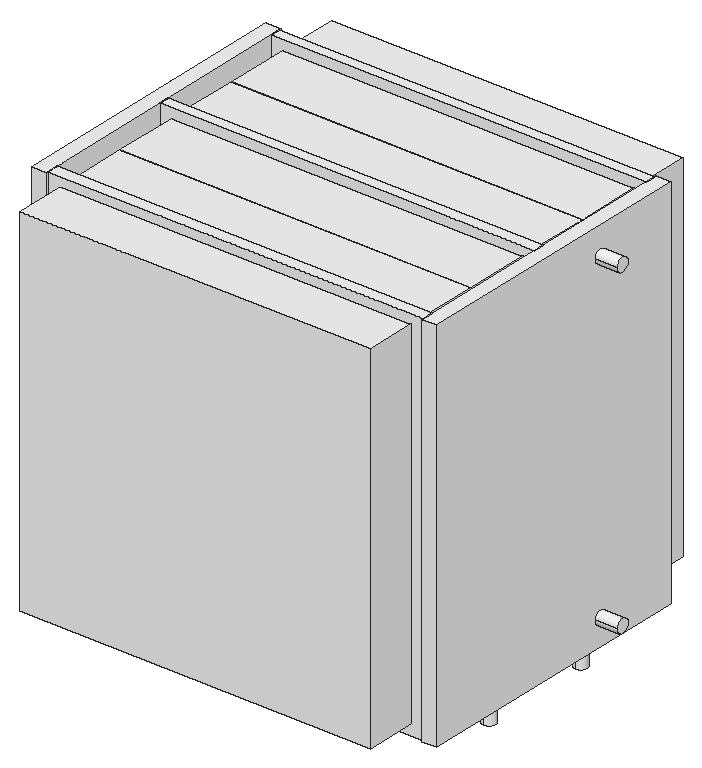
Revit family
Parameters (values of type "CL 2832")
  URL = "http://viewer.zmags.com/publication/f43ba979"
  Tapping Offset from Edge = if(Depth > 83 mm, 14 mm, 20 mm)  # 14 mm
  Tapping Bottom Width = if(Depth > 168 mm, 85 mm, 50 mm)  # 85 mm
  Tapping Radius = 4.8 mm
  Model = "CL 2832"
  Manufacturer = "Meinertz"  # constant formula
  Keynote = "CL 2832"
  Input Depth = if(Depth < 12 mm, 47 mm, Depth)  # 253 mm
  Tapping 6 = Depth > 83 mm  # yes
  Tapping Offset from Centre = if(and(Depth = 96 mm, Height = 70 mm), ((Depth / 2) - 26.7 mm), if(and(Depth = 132 mm, Height = 70 mm), ((Depth / 2) - 44.7 mm), if(and(Depth = 168 mm, Height = 70 mm), ((Depth / 2) - 62.8 mm), if(Depth = 181 mm, ((Depth / 2) - 48 mm), if(Depth = 217 mm, ((Depth / 2) - 66 mm), if(Depth = 253 mm, ((Depth / 2) - 84 mm), 0 mm))))))  # 42.5 mm
  Tapping Height = Height - 40 mm  # 240 mm
  Tapping Dim = 15 mm
  Tapping Depth = 17 mm
  Offset from Wall = if(Input Depth = 11 mm, 50 mm, if(Input Depth = 47 mm, 76 mm, if(Input Depth = 83 mm, 103 mm, if(Input Depth = 96 mm, 116 mm, if(Input Depth = 132 mm, 150 mm, if(Input Depth = 168 mm, 186 mm, if(Input Depth = 181 mm, 197 mm, if(Input Depth = 217 mm, 233 mm, 269 mm))))))))  # 269 mm
  Offset Body Front = if(or(Depth < 168 mm, or(Depth > 168 mm, or(Depth < 253 mm))), 1.5 mm, 37.5 mm)  # 1.5 mm
  Offset Body Back = if(or(Depth < 132 mm, or(Depth = 181 mm)), 1.5 mm, 37.5 mm)  # 37.5 mm
  Mid Body = or(Depth = 83 mm, or(Depth > 168 mm))  # yes
  Depth = 253 mm
  Horizontal Line = Height > 70 mm  # yes
  Horizontal Line 2 = Height > 140 mm  # yes
  Height Offset from Floor = 100 mm
  Width = 300 mm
  Height = 280 mm
  Heater = RAL 9016
  GoGetNo = 6985  # constant formula
  Fins Mid = and(Tapping 4, Add Fins)  # no
  Fins Front 2 = and(Depth = 47 mm, Add Fins)  # no
  Fins Front = and(or(Depth = 168 mm, or(Depth = 253 mm)), Add Fins)  # yes
  Fins Back = and(or(Depth = 132 mm, or(Depth = 168 mm, or(Depth = 217 mm, or(Depth = 253 mm)))), Add Fins)  # yes
  Fins 2 = and(not(or(Tapping 1, Tapping 4, Fins 1)), Add Fins)  # yes
  Fins 1 = and(Depth > 83 mm, Depth < 181 mm, Add Fins)  # no
  Fins = Fins
  Tapping 4 = Depth = 83 mm  # no
  Tapping 1 = Depth < 83 mm  # no
  Edge = not(or(Tapping 1, (Tapping 4)))  # yes
  Tapping 3 = and(Height = 70 mm, Depth > 83 mm)  # no
  Tapping 5 = or(Input Depth = 83 mm, or(and(Depth > 83 mm, Height > 70 mm)))  # yes
  Tapping 2 = Depth > 83 mm  # yes
  Bottom Body = not(or(Depth = 11 mm, or(Depth = 47 mm, or(Depth = 83 mm))))  # yes
  Assembly Code = ""
  Add Fins = yes
Types (36, lengths in mm): name | Tapping Offset from Edge | Tapping Bottom Width | Tapping Radius | Model | Keynote | Input Depth | Tapping 6 | Tapping Offset from Centre | Tapping Height | Offset from Wall | Offset Body Back | Mid Body | Depth | Horizontal Line | Horizontal Line 2 | Height | Fins Mid | Fins Front 2 | Fins Front | Fins Back | Fins 2 | Fins 1 | Tapping 4 | Tapping 1 | Edge | Tapping 3 | Tapping 5 | Tapping 2 | Bottom Body
  CL 0720 | 14 | 50 | 300 | "CL 0720" | "CL 0720" | 96 | yes | 21.3 | 30 | 116 | 1.5 | no | 96 | no | no | 70 | no | no | no | no | no | yes | no | no | yes | yes | no | yes | yes
  CL 1420 | 14 | 50 | 300 | "CL 1420" | "CL 1420" | 96 | yes | 0 | 100 | 116 | 1.5 | no | 96 | yes | no | 140 | no | no | no | no | no | yes | no | no | yes | no | yes | yes | yes
  CL 2120 | 14 | 50 | 300 | "CL 2120" | "CL 2120" | 96 | yes | 0 | 170 | 116 | 1.5 | no | 96 | yes | yes | 210 | no | no | no | no | no | yes | no | no | yes | no | yes | yes | yes
  CL 2820 | 14 | 50 | 300 | "CL 2820" | "CL 2820" | 96 | yes | 0 | 240 | 116 | 1.5 | no | 96 | yes | yes | 280 | no | no | no | no | no | yes | no | no | yes | no | yes | yes | yes
  CL 0730 | 14 | 85 | 300 | "CL 0730" | "CL 0730" | 181 | yes | 42.5 | 30 | 197 | 1.5 | yes | 181 | no | no | 70 | no | no | no | no | yes | no | no | no | yes | yes | no | yes | yes
  CL 1430 | 14 | 85 | 300 | "CL 1430" | "CL 1430" | 181 | yes | 42.5 | 100 | 197 | 1.5 | yes | 181 | yes | no | 140 | no | no | no | no | yes | no | no | no | yes | no | yes | yes | yes
  CL 2130 | 14 | 85 | 300 | "CL 2130" | "CL 2130" | 181 | yes | 42.5 | 170 | 197 | 1.5 | yes | 181 | yes | yes | 210 | no | no | no | no | yes | no | no | no | yes | no | yes | yes | yes
  CL 2830 | 14 | 85 | 300 | "CL 2830" | "CL 2830" | 181 | yes | 42.5 | 240 | 197 | 1.5 | yes | 181 | yes | yes | 280 | no | no | no | no | yes | no | no | no | yes | no | yes | yes | yes
  CL 0710 | 20 | 50 | 300 | "CL 0710" | "CL 0710" | 47 | no | 0 | 30 | 76 | 1.5 | no | 11 | no | no | 70 | no | no | no | no | no | no | no | yes | no | no | no | no | no
  CL 1410 | 20 | 50 | 300 | "CL 1410" | "CL 1410" | 47 | no | 0 | 100 | 76 | 1.5 | no | 11 | yes | no | 140 | no | no | no | no | no | no | no | yes | no | no | no | no | no
  CL 2110 | 20 | 50 | 300 | "CL 2110" | "CL 2110" | 47 | no | 0 | 170 | 76 | 1.5 | no | 11 | yes | yes | 210 | no | no | no | no | no | no | no | yes | no | no | no | no | no
  CL 2810 | 20 | 50 | 300 | "CL 2810" | "CL 2810" | 47 | no | 0 | 170 | 76 | 1.5 | no | 11 | yes | yes | 210 | no | no | no | no | no | no | no | yes | no | no | no | no | no
  CL 0711 | 20 | 50 | 300 | "CL 0711" | "CL 0711" | 47 | no | 0 | 30 | 76 | 1.5 | no | 47 | no | no | 70 | no | yes | no | no | no | no | no | yes | no | no | no | no | no
  CL 1411 | 20 | 50 | 300 | "CL 1411" | "CL 1411" | 47 | no | 0 | 100 | 76 | 1.5 | no | 47 | yes | no | 140 | no | yes | no | no | no | no | no | yes | no | no | no | no | no
  CL 2111 | 20 | 50 | 300 | "CL 2111" | "CL 2111" | 47 | no | 0 | 170 | 76 | 1.5 | no | 47 | yes | yes | 210 | no | yes | no | no | no | no | no | yes | no | no | no | no | no
  CL 2811 | 20 | 50 | 300 | "CL 2811" | "CL 2811" | 47 | no | 0 | 240 | 76 | 1.5 | no | 47 | yes | yes | 280 | no | yes | no | no | no | no | no | yes | no | no | no | no | no
  CL 0712 | 20 | 50 | 300 | "CL 0712" | "CL 0712" | 83 | no | 0 | 30 | 103 | 1.5 | yes | 83 | no | no | 70 | yes | no | no | no | no | no | yes | no | no | no | yes | no | no
  CL 1412 | 20 | 50 | 300 | "CL 1412" | "CL 1412" | 83 | no | 0 | 100 | 103 | 1.5 | yes | 83 | yes | no | 140 | yes | no | no | no | no | no | yes | no | no | no | yes | no | no
  CL 2112 | 20 | 50 | 300 | "CL 2112" | "CL 2112" | 83 | no | 0 | 170 | 103 | 1.5 | yes | 83 | yes | yes | 210 | yes | no | no | no | no | no | yes | no | no | no | yes | no | no
  CL 2812 | 20 | 50 | 300 | "CL 2812" | "CL 2812" | 83 | no | 0 | 240 | 103 | 1.5 | yes | 83 | yes | yes | 280 | yes | no | no | no | no | no | yes | no | no | no | yes | no | no
  CL 0721 | 14 | 50 | 300 | "CL 0721" | "CL 0721" | 132 | yes | 21.3 | 30 | 150 | 37.5 | no | 132 | no | no | 70 | no | no | no | yes | no | yes | no | no | yes | yes | no | yes | yes
  CL 1421 | 14 | 50 | 300 | "CL 1421" | "CL 1421" | 132 | yes | 0 | 100 | 150 | 37.5 | no | 132 | yes | no | 140 | no | no | no | yes | no | yes | no | no | yes | no | yes | yes | yes
  CL 2121 | 14 | 50 | 300 | "CL 2121" | "CL 2121" | 132 | yes | 0 | 170 | 150 | 37.5 | no | 132 | yes | yes | 210 | no | no | no | yes | no | yes | no | no | yes | no | yes | yes | yes
  CL 2821 | 14 | 50 | 300 | "CL 2821" | "CL 2821" | 132 | yes | 0 | 240 | 150 | 37.5 | no | 132 | yes | yes | 280 | no | no | no | yes | no | yes | no | no | yes | no | yes | yes | yes
  CL 0722 | 14 | 50 | 300 | "CL 0722" | "CL 0722" | 168 | yes | 21.2 | 30 | 186 | 37.5 | no | 168 | no | no | 70 | no | no | yes | yes | no | yes | no | no | yes | yes | no | yes | yes
  CL 1422 | 14 | 50 | 300 | "CL 1422" | "CL 1422" | 168 | yes | 0 | 100 | 186 | 37.5 | no | 168 | yes | no | 140 | no | no | yes | yes | no | yes | no | no | yes | no | yes | yes | yes
  CL 2122 | 14 | 50 | 300 | "CL 2122" | "CL 2122" | 168 | yes | 0 | 170 | 186 | 37.5 | no | 168 | yes | yes | 210 | no | no | yes | yes | no | yes | no | no | yes | no | yes | yes | yes
  CL 2822 | 14 | 50 | 300 | "CL 2822" | "CL 2822" | 168 | yes | 0 | 240 | 186 | 37.5 | no | 168 | yes | yes | 280 | no | no | yes | yes | no | yes | no | no | yes | no | yes | yes | yes
  CL 0731 | 14 | 85 | 300 | "CL 0731" | "CL 0731" | 217 | yes | 42.5 | 30 | 233 | 37.5 | yes | 217 | no | no | 70 | no | no | no | yes | yes | no | no | no | yes | yes | no | yes | yes
  CL 1431 | 14 | 85 | 300 | "CL 1431" | "CL 1431" | 217 | yes | 42.5 | 100 | 233 | 37.5 | yes | 217 | yes | no | 140 | no | no | no | yes | yes | no | no | no | yes | no | yes | yes | yes
  CL 2131 | 14 | 85 | 300 | "CL 2131" | "CL 2131" | 217 | yes | 42.5 | 170 | 233 | 37.5 | yes | 217 | yes | yes | 210 | no | no | no | yes | yes | no | no | no | yes | no | yes | yes | yes
  CL 2831 | 14 | 85 | 300 | "CL 2831" | "CL 2831" | 217 | yes | 42.5 | 240 | 233 | 37.5 | yes | 217 | yes | yes | 280 | no | no | no | yes | yes | no | no | no | yes | no | yes | yes | yes
  CL 0732 | 14 | 85 | 300 | "CL 0732" | "CL 0732" | 253 | yes | 42.5 | 30 | 269 | 37.5 | yes | 253 | no | no | 70 | no | no | yes | yes | yes | no | no | no | yes | yes | no | yes | yes
  CL 1432 | 14 | 85 | 300 | "CL 1432" | "CL 1432" | 253 | yes | 42.5 | 100 | 269 | 37.5 | yes | 253 | yes | no | 140 | no | no | yes | yes | yes | no | no | no | yes | no | yes | yes | yes
  CL 2132 | 14 | 85 | 300 | "CL 2132" | "CL 2132" | 253 | yes | 42.5 | 170 | 269 | 37.5 | yes | 253 | yes | yes | 210 | no | no | yes | yes | yes | no | no | no | yes | no | yes | yes | yes
  CL 2832 | 14 | 85 | 4.8 | "CL 2832" | "CL 2832" | 253 | yes | 42.5 | 240 | 269 | 37.5 | yes | 253 | yes | yes | 280 | no | no | yes | yes | yes | no | no | no | yes | no | yes | yes | yes
Reference planes
  plane 1 "Center (Front/Back)": y = 0
  plane 2: z = 0
  plane 3 "Center (Left/Right)": x = 0
  plane 4 "bottom": z = 100
  plane 5: y = 126.5
  plane 6: y = -126.5
  plane 7: x = -150
  plane 8: x = 150
  plane 9: y = 81
  plane 10: y = -117
  plane 11: x = -139
  plane 12: x = 139
  plane 13: z = 380
  plane 14: z = 373
  plane 15: z = 240
  plane 16: z = 120
  plane 17: y = -125
  plane 18: y = 89
  plane 19: y = -69.5
  plane 20: y = -14
  plane 21: y = -22
  plane 22: y = 33.5
  plane 23: z = 360
  plane 24 "52": y = 24.5
  plane 25 "32": y = -60.5
  plane 26 "Wall": y = 142.5
  plane 27 "4": y = -18
  plane 28: x = -136
  plane 29: x = 136
  plane 30 "31": y = -60.5
  plane 31 "Tap 2": y = 24.5
  plane 32: y = -121
Forms (mm)
  Extrusion 1, solid, material "RAL 9016" <- "Heater", visible <- "Edge"
    sketch origin (0, 0, 100) x (-1, 0, 0) y (0, -1, 0)
      loop
        line (139, -89) -> (139, -81) -> (-139, -81) -> (-139, -89) -> (139, -89)
      loop
        line (-139, 125) -> (-139, 117) -> (139, 117) -> (139, 125) -> (-139, 125)
    from 0 to 280
  Extrusion 2, solid, material "RAL 9016" <- "Heater", visible <- "Edge"
    sketch origin (0, 0, 100) x (-1, 0, 0) y (0, -1, 0)
      loop
        line (150, -90.5) -> (150, 126.5) -> (139, 126.5) -> (139, -90.5) -> (150, -90.5)
      loop
        line (-150, -90.5) -> (-139, -90.5) -> (-139, 126.5) -> (-150, 126.5) -> (-150, -90.5)
    from 0 to 280
  Extrusion 3, solid, material "RAL 9016" <- "Heater", visible <- "Mid Body"
    sketch origin (0, 0, 100) x (-1, 0, 0) y (0, -1, 0)
      loop
        line (139, 14) -> (139, 22) -> (-139, 22) -> (-139, 14) -> (139, 14)
    from 0 to 280
  Extrusion 4, solid, material "RAL 9016" <- "Heater", visible <- "Tapping 1"
    sketch origin (0, 0, 100) x (-1, 0, 0) y (0, -1, 0)
      loop
        line (150, 126.5) -> (139, 126.5) -> (139, 125) -> (-139, 125) -> (-139, 126.5) -> (-150, 126.5) -> (-150, 115.5) -> (-139, 115.5) -> (-139, 117) -> (139, 117) -> (139, 115.5) -> (150, 115.5) -> (150, 126.5)
    from 0 to 280
  Extrusion 5, solid, material "RAL 9016" <- "Heater", visible <- "Tapping 4"
    sketch origin (0, 85, 100) x (-1, 0, 0) y (0, -1, 0)
      loop
        line (150, 108.5) -> (139, 108.5) -> (139, 97.5) -> (150, 97.5) -> (150, 108.5)
      loop
        line (-139, 108.5) -> (-150, 108.5) -> (-150, 97.5) -> (-139, 97.5) -> (-139, 108.5)
    from 0 to 280
  Extrusion 6, solid, material "RAL 9016" <- "Heater", visible <- "Bottom Body"
    sketch origin (0, 0, 100) x (-1, 0, 0) y (0, -1, 0)
      loop
        line (139, -81) -> (139, 117) -> (-139, 117) -> (-139, -81) -> (139, -81)
    from 0 to 8
  Extrusion 7, solid, material "Fins" <- "Fins", visible <- "Fins 1", detail levels fine
    sketch origin (0, 0, 100) x (-1, 0, 0) y (0, -1, 0)
      loop
        line (130, 117) -> (-130, 117) -> (-130, -81) -> (130, -81) -> (130, 117)
    from 8 to 273
  Extrusion 8, solid, material "Fins" <- "Fins", visible <- "Fins 2", detail levels fine
    sketch origin (0, 0, 100) x (-1, 0, 0) y (0, -1, 0)
      loop
        line (130, 117) -> (-130, 117) -> (-130, 69.5) -> (130, 69.5) -> (130, 117)
      loop
        line (130, 14) -> (-130, 14) -> (-130, -33.5) -> (130, -33.5) -> (130, 14)
    from 8 to 273
  Extrusion 9, solid, material "Fins" <- "Fins", visible <- "Fins 2", detail levels fine
    sketch origin (0, 0, 100) x (-1, 0, 0) y (0, -1, 0)
      loop
        line (-130, 69.5) -> (-130, 22) -> (130, 22) -> (130, 69.5) -> (-130, 69.5)
      loop
        line (-130, -33.5) -> (-130, -81) -> (130, -81) -> (130, -33.5) -> (-130, -33.5)
    from 8 to 273
  Extrusion 10, solid, material "Fins" <- "Fins", visible <- "Fins Front", detail levels fine
    sketch origin (0, 0, 100) x (-1, 0, 0) y (0, -1, 0)
      loop
        line (130, 125) -> (130, 162.5) -> (-130, 162.5) -> (-130, 125) -> (130, 125)
    from 8 to 273
  Extrusion 11, solid, material "Fins" <- "Fins", visible <- "Fins Back", detail levels fine
    sketch origin (0, 0, 100) x (-1, 0, 0) y (0, -1, 0)
      loop
        line (130, -89) -> (-130, -89) -> (-130, -126.5) -> (130, -126.5) -> (130, -89)
    from 8 to 273
  Extrusion 12, solid, material "Fins" <- "Fins", visible <- "Fins Front 2", detail levels fine
    sketch origin (0, -85, 100) x (-1, 0, 0) y (0, -1, 0)
      loop
        line (130, 32) -> (-130, 32) -> (-130, -5.5) -> (130, -5.5) -> (130, 32)
    from 8 to 273
  Extrusion 13, solid, material "Fins" <- "Fins", visible <- "Fins Mid", detail levels fine
    sketch origin (0, -70, 100) x (-1, 0, 0) y (0, -1, 0)
      loop
        line (130, -10.5) -> (-130, -10.5) -> (-130, -48) -> (130, -48) -> (130, -10.5)
      loop
        line (130, -93.5) -> (130, -56) -> (-130, -56) -> (-130, -93.5) -> (130, -93.5)
    from 8 to 273
  Extrusion 14, solid, material "Tap", visible <- "Tapping 1"
    sketch origin (150, -126.5, 100) x (0, 1, 0) y (0, 0, 1)
      loop
        circle (5.5, 260) r 4.8
    from 0 to 17 <- "Tapping Depth"
  Extrusion 15, solid, material "Tap", visible <- "Tapping 1"
    sketch origin (150, -126.5, 100) x (0, 1, 0) y (0, 0, 1)
      loop
        circle (5.5, 20) r 4.8
    from 0 to 17 <- "Tapping Depth"
  Extrusion 16, solid, material "Tap", visible <- "Tapping 3"
    sketch origin (150, -126.5, 100) x (0, 1, 0) y (0, 0, 1)
      loop
        circle (66, 20) r 4.8
    from 0 to 17 <- "Tapping Depth"
  Extrusion 17, solid, material "Tap", visible <- "Tapping 5"
    sketch origin (150, -126.5, 100) x (0, 1, 0) y (0, 0, 1)
      loop
        circle (151, 20) r 4.8
    from 0 to 17 <- "Tapping Depth"
  Extrusion 18, solid, material "Tap", visible <- "Tapping 6"
    sketch origin (150, -126.5, 100) x (0, 1, 0) y (0, 0, 1)
      loop
        circle (151, 260) r 4.8
    from 0 to 17 <- "Tapping Depth"
  Extrusion 19, solid, material "Tap", visible <- "Tapping 6"
    sketch origin (-150, -126.5, 100) x (0, 1, 0) y (0, 0, -1)
      loop
        circle (151, -260) r 4.8
    from 0 to 17 <- "Tapping Depth"
  Extrusion 20, solid, material "Tap", visible <- "Tapping 1"
    sketch origin (-150, -126.5, 100) x (0, 1, 0) y (0, 0, -1)
      loop
        circle (5.5, -260) r 4.8
    from 0 to 17 <- "Tapping Depth"
  Extrusion 21, solid, material "Tap", visible <- "Tapping 5"
    sketch origin (-150, -126.5, 100) x (0, 1, 0) y (0, 0, -1)
      loop
        circle (151, -20) r 4.8
    from 0 to 17 <- "Tapping Depth"
  Extrusion 22, solid, material "Tap", visible <- "Tapping 3"
    sketch origin (-150, -126.5, 100) x (0, 1, 0) y (0, 0, -1)
      loop
        circle (66, -20) r 4.8
    from 0 to 17 <- "Tapping Depth"
  Extrusion 23, solid, material "Tap", visible <- "Tapping 1"
    sketch origin (-150, -126.5, 100) x (0, 1, 0) y (0, 0, -1)
      loop
        circle (5.5, -20) r 4.8
    from 0 to 17 <- "Tapping Depth"
  Extrusion 24, solid, material "Tap", visible <- "Tapping 4"
    sketch origin (0, 0, 100) x (0, -1, 0) y (-1, 0, 0)
      loop
        circle (18, 136) r 4.8
      loop
        circle (18, -136) r 4.8
    from 0 to 17 <- "Tapping Depth"
  Extrusion 25, solid, material "Tap", visible <- "Tapping 2"
    sketch origin (0, 0, 100) x (0, -1, 0) y (-1, 0, 0)
      loop
        circle (-24.5, 136) r 4.8
      loop
        circle (-24.5, -136) r 4.8
    from 0 to 17 <- "Tapping Depth"
  Extrusion 26, solid, material "Tap", visible <- "Tapping 1"
    sketch origin (0, 0, 100) x (0, -1, 0) y (-1, 0, 0)
      loop
        circle (121, 136) r 4.8
      loop
        circle (121, -136) r 4.8
    from 0 to 17 <- "Tapping Depth"
  Extrusion 27, solid, material "Tap", visible <- "Tapping 2"
    sketch origin (0, 0, 100) x (0, -1, 0) y (-1, 0, 0)
      loop
        circle (60.5, 136) r 4.8
      loop
        circle (60.5, -136) r 4.8
    from 0 to 17 <- "Tapping Depth"
Lines and regions (mm)
  symbolic lines
    curve 1: line (-150, 0, 170) -> (150, 0, 170)
  symbolic lines, visible <- "Horizontal Line"
    curve 2: line (-150, 0, 240) -> (150, 0, 240)
  symbolic lines, visible <- "Horizontal Line 2"
    curve 3: line (-150, 0, 310) -> (150, 0, 310)
Dimensions and locks
  locked: plane 7 to plane 11 at 11
  locked: plane 12 to plane 8 at 11
  equal spacing: plane 7, plane 3 "Center (Left/Right)", plane 8
  equal spacing: plane 6, plane 1 "Center (Front/Back)", plane 5
  "Width": plane 7 to plane 8
  "Input Depth": plane 5 to plane 6
  "Height": plane 13 to plane 4 "bottom"
  "Height Offset from Floor": plane 4 "bottom" to plane 2
  locked: plane 13 to plane 14 at 7
  equal spacing: plane 13, plane 15, plane 4 "bottom"
  group 1 to group 2 = 0 mm  (x2)
  group 1 to group 2 = 70 mm
  curve 3 to curve 2 to curve 1 to plane 4 "bottom" = 70 mm locked, 70 mm locked, 70 mm locked
  equal spacing: plane 21, plane 19, plane 10
  equal spacing: plane 9, plane 22, plane 20
  "Offset Body Front": plane 17 to plane 6
  "Offset Body Back": plane 18 to plane 5
  locked: plane 9 to plane 18 at 8
  locked: plane 10 to plane 17 at 8
  equal spacing: plane 23, plane 15, plane 16
  "Tapping Height": plane 23 to plane 16
  "Tapping Offset from Centre": plane 24 "52" to plane 27 "4"
  "Tapping Offset from Centre": plane 27 "4" to plane 25 "32"
  "Offset from Wall": plane 26 "Wall" to plane 6
  locked: plane 18 to Extrusion 2 sketch curve at 1.5
  locked: plane 17 to Extrusion 2 sketch curve at 1.5
  equal spacing: plane 17, plane 27 "4", plane 18
  Extrusion 5 sketch curve to plane 27 "4" to Extrusion 5 sketch curve = 5.5 mm locked, 5.5 mm locked
  plane 20 to plane 27 "4" to plane 21 = 4 mm locked, 4 mm locked
  locked: Extrusion 4 sketch curve to plane 10 at 1.5
  locked: plane 17 to Extrusion 4 sketch curve at 1.5
  "Tapping Offset from Edge": plane 28 to plane 7
  "Tapping Offset from Edge": plane 29 to plane 8
  equal spacing: plane 31 "Tap 2", plane 27 "4", plane 30 "31"
  "Tapping Bottom Width": plane 31 "Tap 2" to plane 30 "31"
  locked: plane 11 to Extrusion 7 sketch curve at 9
  locked: Extrusion 7 sketch curve to plane 12 at 9
  locked: plane 17 to Extrusion 10 sketch curve at 37.5
  locked: plane 18 to Extrusion 11 sketch curve at 37.5
  locked: Extrusion 12 sketch curve to plane 10 at 37.5
  locked: plane 21 to Extrusion 13 sketch curve at 37.5
  locked: plane 20 to Extrusion 13 sketch curve at 37.5
  locked: plane 10 to plane 32 at 4
  locked: plane 25 "32" to Extrusion 16 sketch curve
  locked: plane 24 "52" to Extrusion 17 sketch curve
  locked: plane 24 "52" to Extrusion 18 sketch curve
  locked: Extrusion 23 sketch curve to plane 32
  locked: Extrusion 20 sketch curve to plane 32
  locked: plane 25 "32" to Extrusion 22 sketch curve
  locked: plane 24 "52" to Extrusion 21 sketch curve
  locked: plane 24 "52" to Extrusion 19 sketch curve
  plane 25 "32" to Extrusion 26 sketch curve = 60.5 mm
  locked: Extrusion 26 sketch curve to plane 28
  locked: Extrusion 27 sketch curve to plane 28
  plane 29 to Extrusion 27 sketch curve = 0 mm
  locked: plane 29 to Extrusion 26 sketch curve
  locked: plane 29 to Extrusion 25 sketch curve
  locked: Extrusion 25 sketch curve to plane 28
  locked: Extrusion 24 sketch curve to plane 28
  locked: plane 29 to Extrusion 24 sketch curve
  Extrusion 27 sketch curve to plane 30 "31" = 0 mm  (x2)
  locked: plane 32 to Extrusion 26 sketch curve  (x2)
  locked: plane 31 "Tap 2" to Extrusion 25 sketch curve
  locked: plane 31 "Tap 2" to Extrusion 25 sketch curve at 0
  locked: plane 27 "4" to Extrusion 24 sketch curve at 0  (x2)
  aligned and locked: plane 9 to Extrusion 1 sketch curve
  aligned and locked: plane 10 to Extrusion 1 sketch curve
  aligned and locked: plane 13 to Extrusion 1
  aligned and locked: plane 7 to curve 1
  aligned and locked: plane 8 to curve 1
  aligned and locked: plane 17 to Extrusion 1 sketch curve
  aligned and locked: plane 18 to Extrusion 1 sketch curve
  aligned and locked: Extrusion 1 sketch curve to plane 11
  aligned and locked: plane 11 to Extrusion 1 sketch curve
  aligned and locked: Extrusion 1 sketch curve to plane 12
  aligned and locked: plane 12 to Extrusion 1 sketch curve
  aligned and locked: plane 7 to Extrusion 2 sketch curve
  aligned and locked: Extrusion 2 sketch curve to plane 11
  aligned and locked: plane 12 to Extrusion 2 sketch curve
  aligned and locked: Extrusion 2 sketch curve to plane 8
  aligned and locked: plane 13 to Extrusion 2
  aligned and locked: plane 11 to Extrusion 3 sketch curve
  aligned and locked: plane 12 to Extrusion 3 sketch curve
  aligned and locked: plane 13 to Extrusion 3
  aligned and locked: plane 7 to Extrusion 4 sketch curve
  aligned and locked: plane 11 to Extrusion 4 sketch curve  (x2)
  aligned and locked: plane 12 to Extrusion 4 sketch curve  (x3)
  aligned and locked: Extrusion 4 sketch curve to plane 8
  aligned and locked: Extrusion 4 sketch curve to Extrusion 4 sketch curve  (x2)
  aligned and locked: plane 13 to Extrusion 4
  aligned and locked: Extrusion 5 sketch curve to Extrusion 5 sketch curve  (x2)
  aligned and locked: Extrusion 5 sketch curve to plane 7
  aligned and locked: plane 11 to Extrusion 5 sketch curve
  aligned and locked: plane 12 to Extrusion 5 sketch curve
  aligned and locked: Extrusion 5 sketch curve to plane 8
  aligned and locked: plane 10 to Extrusion 4 sketch curve
  aligned and locked: plane 17 to Extrusion 4 sketch curve
  aligned and locked: Extrusion 2 sketch curve to Extrusion 2 sketch curve  (x2)
  aligned and locked: plane 20 to Extrusion 3 sketch curve
  aligned and locked: plane 21 to Extrusion 3 sketch curve
  aligned and locked: plane 13 to Extrusion 5
  aligned and locked: plane 11 to Extrusion 6 sketch curve
  aligned and locked: plane 12 to Extrusion 6 sketch curve
  aligned and locked: plane 10 to Extrusion 6 sketch curve
  aligned and locked: plane 9 to Extrusion 6 sketch curve
  aligned and locked: Extrusion 7 sketch curve to plane 10
  aligned and locked: plane 9 to Extrusion 7 sketch curve
  aligned and locked: plane 14 to Extrusion 7
  aligned and locked: Extrusion 8 sketch curve to plane 10
  aligned and locked: Extrusion 8 sketch curve to Extrusion 7
  aligned and locked: Extrusion 7 to Extrusion 8 sketch curve
  aligned and locked: plane 20 to Extrusion 8 sketch curve
  aligned and locked: Extrusion 8 sketch curve to Extrusion 8 sketch curve  (x2)
  aligned and locked: plane 19 to Extrusion 9 sketch curve
  aligned and locked: plane 21 to Extrusion 9 sketch curve
  aligned and locked: Extrusion 9 sketch curve to Extrusion 7  (x2)
  aligned and locked: Extrusion 9 sketch curve to plane 22
  aligned and locked: plane 9 to Extrusion 9 sketch curve
  aligned and locked: Extrusion 9 sketch curve to Extrusion 9 sketch curve  (x2)
  aligned and locked: Extrusion 8 sketch curve to Extrusion 9  (x2)
  aligned and locked: plane 14 to Extrusion 8
  aligned and locked: plane 14 to Extrusion 9
  aligned and locked: Extrusion 10 sketch curve to plane 17
  aligned and locked: Extrusion 10 sketch curve to Extrusion 7
  aligned and locked: Extrusion 7 to Extrusion 10 sketch curve
  aligned and locked: plane 14 to Extrusion 10
  aligned and locked: plane 18 to Extrusion 11 sketch curve
  aligned and locked: Extrusion 11 sketch curve to Extrusion 7
  aligned and locked: Extrusion 7 to Extrusion 11 sketch curve
  aligned and locked: plane 14 to Extrusion 11
  aligned and locked: Extrusion 7 to Extrusion 12 sketch curve
  aligned and locked: Extrusion 12 sketch curve to plane 10
  aligned and locked: Extrusion 12 sketch curve to Extrusion 7
  aligned and locked: plane 14 to Extrusion 12
  aligned and locked: plane 21 to Extrusion 13 sketch curve
  aligned and locked: Extrusion 7 to Extrusion 13 sketch curve  (x2)
  aligned and locked: Extrusion 13 sketch curve to plane 20
  aligned and locked: Extrusion 13 sketch curve to Extrusion 7  (x2)
  aligned and locked: plane 14 to Extrusion 13
Automatic sketch dimensions
  curve 3 to plane 7 = 0 mm
  curve 2 to plane 7 = 0 mm
  curve 2 to plane 8 = 0 mm
  curve 3 to plane 8 = 0 mm
  Extrusion 14 sketch curve to Extrusion 4 = 5.5 mm
  Extrusion 4 to Extrusion 14 sketch curve = 20 mm
  Extrusion 15 sketch curve to Extrusion 4 = 5.5 mm
  Extrusion 4 to Extrusion 15 sketch curve = 20 mm
  Extrusion 2 to Extrusion 16 sketch curve = 20 mm
  Extrusion 2 to Extrusion 17 sketch curve = 20 mm
  Extrusion 2 to Extrusion 18 sketch curve = 20 mm
  Extrusion 2 to Extrusion 19 sketch curve = 20 mm
  Extrusion 2 to Extrusion 20 sketch curve = 20 mm
  Extrusion 2 to Extrusion 21 sketch curve = 20 mm
  Extrusion 2 to Extrusion 22 sketch curve = 20 mm
  Extrusion 2 to Extrusion 23 sketch curve = 20 mm
  radius of Extrusion 14 sketch curve = 4.8 mm
  radius of Extrusion 15 sketch curve = 4.8 mm
  radius of Extrusion 16 sketch curve = 4.8 mm
  radius of Extrusion 17 sketch curve = 4.8 mm
  radius of Extrusion 18 sketch curve = 4.8 mm
  radius of Extrusion 19 sketch curve = 4.8 mm
  radius of Extrusion 20 sketch curve = 4.8 mm
  radius of Extrusion 21 sketch curve = 4.8 mm
  radius of Extrusion 22 sketch curve = 4.8 mm
  radius of Extrusion 23 sketch curve = 4.8 mm
  radius of Extrusion 24 sketch curve = 4.8 mm  (x2)
  radius of Extrusion 25 sketch curve = 4.8 mm  (x2)
  radius of Extrusion 26 sketch curve = 4.8 mm  (x2)
  radius of Extrusion 27 sketch curve = 4.8 mm  (x2)
Connectors
  piping at (167, -121, 360), driven by "Tapping Radius"
    settings: on Extrusion 14, index 1, connector radius 4.8 mm, flow factor 0, pipe flow 0.0 L/s, pressure drop 0.0 Pa, fitting loss kfactor 0, connector angle 0.00°, fixture units 0, flow configuration 1, flow direction 2, fitting loss method 0, system type 22, connector reference index -1, connector utility 0, adjustable connector no, is connector primary yes, fitting loss table "", connector description ""
  piping at (167, -121, 120), driven by "Tapping Radius"
    settings: on Extrusion 15, index 2, connector radius 4.8 mm, flow factor 0, pipe flow 0.0 L/s, pressure drop 0.0 Pa, fitting loss kfactor 0, connector angle 0.00°, fixture units 0, flow configuration 1, flow direction 2, fitting loss method 0, system type 22, connector reference index -1, connector utility 0, adjustable connector no, is connector primary no, fitting loss table "", connector description ""
  piping at (167, -60.5, 120), driven by "Tapping Radius"
    settings: on Extrusion 16, index 3, connector radius 4.8 mm, flow factor 0, pipe flow 0.0 L/s, pressure drop 0.0 Pa, fitting loss kfactor 0, connector angle 0.00°, fixture units 0, flow configuration 1, flow direction 2, fitting loss method 0, system type 22, connector reference index -1, connector utility 0, adjustable connector no, is connector primary no, fitting loss table "", connector description ""
  piping at (167, 24.5, 360), driven by "Tapping Radius"
    settings: on Extrusion 18, index 4, connector radius 4.8 mm, flow factor 0, pipe flow 0.0 L/s, pressure drop 0.0 Pa, fitting loss kfactor 0, connector angle 0.00°, fixture units 0, flow configuration 1, flow direction 2, fitting loss method 0, system type 22, connector reference index -1, connector utility 0, adjustable connector no, is connector primary no, fitting loss table "", connector description ""
  piping at (167, 24.5, 120), driven by "Tapping Radius"
    settings: on Extrusion 17, index 5, connector radius 4.8 mm, flow factor 0, pipe flow 0.0 L/s, pressure drop 0.0 Pa, fitting loss kfactor 0, connector angle 0.00°, fixture units 0, flow configuration 1, flow direction 2, fitting loss method 0, system type 22, connector reference index -1, connector utility 0, adjustable connector no, is connector primary no, fitting loss table "", connector description ""
  piping at (136, -121, 83), driven by "Tapping Radius"
    settings: on Extrusion 26, index 6, connector radius 4.8 mm, flow factor 0, pipe flow 0.0 L/s, pressure drop 0.0 Pa, fitting loss kfactor 0, connector angle 0.00°, fixture units 0, flow configuration 1, flow direction 2, fitting loss method 0, system type 22, connector reference index -1, connector utility 0, adjustable connector no, is connector primary no, fitting loss table "", connector description ""
  piping at (136, -60.5, 83), driven by "Tapping Radius"
    settings: on Extrusion 27, index 7, connector radius 4.8 mm, flow factor 0, pipe flow 0.0 L/s, pressure drop 0.0 Pa, fitting loss kfactor 0, connector angle 0.00°, fixture units 0, flow configuration 1, flow direction 2, fitting loss method 0, system type 22, connector reference index -1, connector utility 0, adjustable connector no, is connector primary no, fitting loss table "", connector description ""
  piping at (136, -18, 83), driven by "Tapping Radius"
    settings: on Extrusion 24, index 8, connector radius 4.8 mm, flow factor 0, pipe flow 0.0 L/s, pressure drop 0.0 Pa, fitting loss kfactor 0, connector angle 0.00°, fixture units 0, flow configuration 1, flow direction 2, fitting loss method 0, system type 22, connector reference index -1, connector utility 0, adjustable connector no, is connector primary no, fitting loss table "", connector description ""
  piping at (136, 24.5, 83), driven by "Tapping Radius"
    settings: on Extrusion 25, index 9, connector radius 4.8 mm, flow factor 0, pipe flow 0.0 L/s, pressure drop 0.0 Pa, fitting loss kfactor 0, connector angle 0.00°, fixture units 0, flow configuration 1, flow direction 2, fitting loss method 0, system type 22, connector reference index -1, connector utility 0, adjustable connector no, is connector primary no, fitting loss table "", connector description ""
  piping at (-136, 24.5, 83), driven by "Tapping Radius"
    settings: on Extrusion 25, index 10, connector radius 4.8 mm, flow factor 0, pipe flow 0.0 L/s, pressure drop 0.0 Pa, fitting loss kfactor 0, connector angle 0.00°, fixture units 0, flow configuration 1, flow direction 1, fitting loss method 0, system type 22, connector reference index -1, connector utility 0, adjustable connector no, is connector primary no, fitting loss table "", connector description ""
  piping at (-136, -18, 83), driven by "Tapping Radius"
    settings: on Extrusion 24, index 11, connector radius 4.8 mm, flow factor 0, pipe flow 0.0 L/s, pressure drop 0.0 Pa, fitting loss kfactor 0, connector angle 0.00°, fixture units 0, flow configuration 1, flow direction 1, fitting loss method 0, system type 22, connector reference index -1, connector utility 0, adjustable connector no, is connector primary no, fitting loss table "", connector description ""
  piping at (-136, -60.5, 83), driven by "Tapping Radius"
    settings: on Extrusion 27, index 12, connector radius 4.8 mm, flow factor 0, pipe flow 0.0 L/s, pressure drop 0.0 Pa, fitting loss kfactor 0, connector angle 0.00°, fixture units 0, flow configuration 1, flow direction 1, fitting loss method 0, system type 22, connector reference index -1, connector utility 0, adjustable connector no, is connector primary no, fitting loss table "", connector description ""
  piping at (-136, -121, 83), driven by "Tapping Radius"
    settings: on Extrusion 26, index 13, connector radius 4.8 mm, flow factor 0, pipe flow 0.0 L/s, pressure drop 0.0 Pa, fitting loss kfactor 0, connector angle 0.00°, fixture units 0, flow configuration 1, flow direction 1, fitting loss method 0, system type 22, connector reference index -1, connector utility 0, adjustable connector no, is connector primary no, fitting loss table "", connector description ""
  piping at (-167, 24.5, 120), driven by "Tapping Radius"
    settings: on Extrusion 21, index 14, connector radius 4.8 mm, flow factor 0, pipe flow 0.0 L/s, pressure drop 0.0 Pa, fitting loss kfactor 0, connector angle 0.00°, fixture units 0, flow configuration 1, flow direction 1, fitting loss method 0, system type 22, connector reference index -1, connector utility 0, adjustable connector no, is connector primary no, fitting loss table "", connector description ""
  piping at (-167, -60.5, 120), driven by "Tapping Radius"
    settings: on Extrusion 22, index 15, connector radius 4.8 mm, flow factor 0, pipe flow 0.0 L/s, pressure drop 0.0 Pa, fitting loss kfactor 0, connector angle 0.00°, fixture units 0, flow configuration 1, flow direction 1, fitting loss method 0, system type 22, connector reference index -1, connector utility 0, adjustable connector no, is connector primary no, fitting loss table "", connector description ""
  piping at (-167, -121, 120), driven by "Tapping Radius"
    settings: on Extrusion 23, index 16, connector radius 4.8 mm, flow factor 0, pipe flow 0.0 L/s, pressure drop 0.0 Pa, fitting loss kfactor 0, connector angle 0.00°, fixture units 0, flow configuration 1, flow direction 1, fitting loss method 0, system type 22, connector reference index -1, connector utility 0, adjustable connector no, is connector primary no, fitting loss table "", connector description ""
  piping at (-167, 24.5, 360), driven by "Tapping Radius"
    settings: on Extrusion 19, index 17, connector radius 4.8 mm, flow factor 0, pipe flow 0.0 L/s, pressure drop 0.0 Pa, fitting loss kfactor 0, connector angle 0.00°, fixture units 0, flow configuration 1, flow direction 1, fitting loss method 0, system type 22, connector reference index -1, connector utility 0, adjustable connector no, is connector primary no, fitting loss table "", connector description ""
  piping at (-167, -121, 360), driven by "Tapping Radius"
    settings: on Extrusion 20, index 18, connector radius 4.8 mm, flow factor 0, pipe flow 0.0 L/s, pressure drop 0.0 Pa, fitting loss kfactor 0, connector angle 0.00°, fixture units 0, flow configuration 1, flow direction 1, fitting loss method 0, system type 22, connector reference index -1, connector utility 0, adjustable connector no, is connector primary no, fitting loss table "", connector description ""
